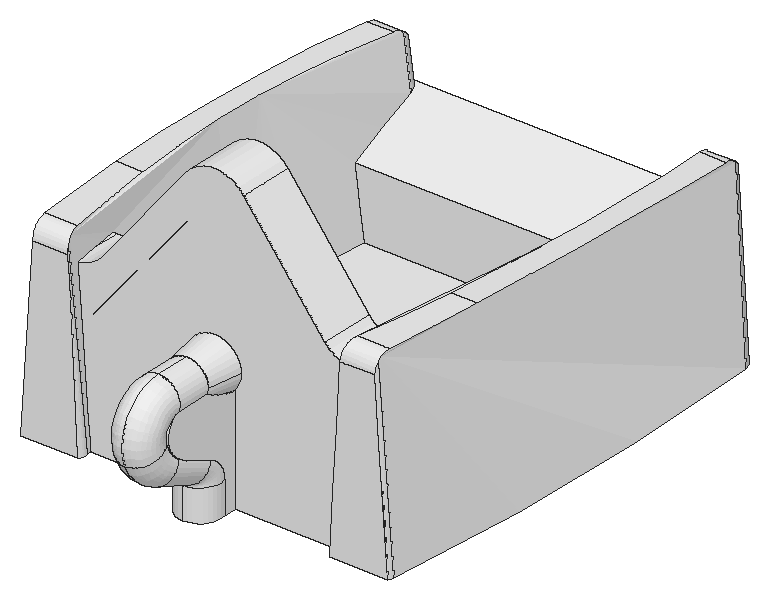
Revit family "Urinal_Washdown-Top_Spud-American_Standard-Washbrook-6590_Series", category Plumbing Fixtures, host Face, Revit 2018
Family settings
  Host = Face
  Round Connector Dimension = Use Radius
  Part Type = Normal
  OmniClass Number = 23.45.05.21.11.21
  OmniClass Title = Urinals
  Cut with Voids When Loaded = No
  Shared = Yes
  Room Calculation Point = No
Parameters (values of type "6590001.020")
  Width = 18 7/8"
  Waste Connection Radius = 1"
  Waste Connection Height = 20 1/2"
  Waste Connection Diameter = Waste Connection Radius * 2  # 2"
  Waste Connection = yes
  Warranty Information = "1 Year Limited Warranty"
  WFU = 5  # constant formula
  Vent Connection = no
  URL = "http://www.americanstandard-us.com/"
  Type Comments = ""
  Shipping Weight = "56lbs (25.3kg)"
  Revised Date = "09/29/2021"  # constant formula
  Recommended Working Pressure = "between 20 psi at valve when flushing and 80 psi static"  # constant formula
  Product Page URL = "https://www.americanstandard-us.com/Top-Spud-Urinals/Washbrook-0125---10-gpf-047---38-Lpf-Top-Spud-Urinal/WHITE-6590001020"
  Product Documentation Link = "https://americanstandard.box.com/shared/static/epqflcfh7u9awhp6y9ykqbqem1t9xzwb.pdf"
  Price = "Prices may vary. Please consult Manufacturer Representative for most up-to-date price list."  # constant formula
  Model = "6590001.020"
  Material = "Vitreous China-American Standard-020-White"
  Manufacturer = "American Standard"
  Length = 14 1/8"
  Installation Type = "Wall Mounted"
  IAPMO Compliance = "ASME A112.19.2-2008/CSA B45.1-08 for Vitreous China Fixtures\r"  # constant formula
  Height = 18"
  HWFU = 0  # constant formula
  HW Connection = no
  Flush Rate = "0.125-1.0gpf (0.5-3.8Lpf)"
  Finish = Vitreous China-American Standard-020-White
  Description = "Washbrook  FloWise Washout Top Spud Urinal."
  Default Elevation = if(ADA Compliant, 17", 24")  # 17"
  Creation Date = "28/04/2014"  # constant formula
  Cold Water Connection Width = 4 3/4"
  Cold Water Connection Radius = 3/8"
  Cold Water Connection Height = 11 1/2"
  Cold Water Connection Diameter = Cold Water Connection Radius * 2  # 3/4"
  CWFU = 5  # constant formula
  CW Connection = yes
  Assembly Code = "D2010210"
  ADA Compliant = yes
Types (3): name | Product Page URL | Product Documentation Link | Model | Description
  (no name) | "https://www.americanstandard-us.com/Top-Spud-Urinals/Washbrook-0125---10-gpf-047---38-Lpf-Top-Spud-Urinal/WHITE-6590001020" | "https://americanstandard.box.com/shared/static/epqflcfh7u9awhp6y9ykqbqem1t9xzwb.pdf" | "6590001.020" | "Washbrook  FloWise Washout Top Spud Urinal."
  6590001.020 | "https://www.americanstandard-us.com/Top-Spud-Urinals/Washbrook-0125---10-gpf-047---38-Lpf-Top-Spud-Urinal/WHITE-6590001020" | "https://americanstandard.box.com/shared/static/epqflcfh7u9awhp6y9ykqbqem1t9xzwb.pdf" | "6590001.020" | "Washbrook  FloWise Washout Top Spud Urinal."
  6590001EC.020 | "https://www.americanstandard-us.com/Top-Spud-Urinals/Washbrook-0125---10-gpf-047---38-Lpf-Top-Spud-Urinal-with-EverClean/WHITE-6590001EC020" | "https://americanstandard.box.com/shared/static/o9mxsn9vnxkqjr3zarpuzm02xznoxrpu.pdf" | "6590001EC.020" | "Washbrook  FloWise Washout Top Spud Urinal Everclean."
Reference planes (in)
  plane 1 "Center (Front/Back)": y = 0
  plane 2: z = 0
  plane 3 "Center (Left/Right)": x = 0
  plane 4: y = 18
  plane 5: y = -9.25
  plane 6: y = -3.5
  plane 7: z = 9.25
  plane 8: z = 14
  plane 9: x = 4.75
  plane 10: y = 29.5
  plane 11: z = 2.5
  plane 12 "Finished Floor": y = -17
  plane 13: y = 13.75
  plane 14: x = 6.75
  plane 15: x = -6.75
  plane 16: z = 2.875
  plane 17: z = 2.875
  plane 18: y = -8.125
  plane 19: y = -3.25
  plane 20: x = -9.4375
  plane 21: x = 9.4375
  plane 22: z = 14.125
Forms (in)
  Extrusion 1, solid, material "Vitreous China-American Standard-020-White" <- "Finish"
    sketch origin (0, -1.34285, -0.00144) x (1, 0, 0) y (0, 0, -1)
      loop
        arc (-1.37134, -13.46347) -> (0, -14.1263) -> (1.37134, -13.46347) r 1.75
        line (1.37134, -13.46347) -> (5.23323, -8.59212)
        arc (5.23323, -8.59212) -> (5.89478, -8.05444) -> (6.72152, -7.84646) r 1.97077
        arc (6.72152, -7.84646) -> (7.38576, -8.01063) -> (7.87037, -8.49366) r 1.27922
        line (7.87037, -8.49366) -> (7.47718, -3.89541)
        arc (7.47718, -3.89541) -> (4.27025, -7.67877) -> (1.19134, -11.56702) r 148.62844
        arc (1.19134, -11.56702) -> (0, -12.15559) -> (-1.19134, -11.56702) r 1.5
        arc (-1.19134, -11.56702) -> (-4.27025, -7.67877) -> (-7.47718, -3.89541) r 148.62844
        line (-7.47718, -3.89541) -> (-7.87037, -8.49366)
        arc (-7.87037, -8.49366) -> (-7.38576, -8.01063) -> (-6.72152, -7.84646) r 1.27922
        arc (-6.72152, -7.84646) -> (-5.89478, -8.05444) -> (-5.23323, -8.59212) r 1.97077
        line (-5.23323, -8.59212) -> (-1.37134, -13.46347)
    from -1.2741 to 1.34285
  Extrusion 2, void
    sketch origin (-23.76037, -1.34285, 16.50885) x (1, 0, 0) y (0, 0, -1)
      loop
        circle (23.78878, 10.62706) r 0.75
    from -4.07958 to 0.75692
  Sweep 3, solid, material "Vitreous China-American Standard-020-White" <- "Finish"
    path origin (0, -3.02724, 60.37356) x (0, 0, -1) y (0, 1, 0)
      loop
        line (60.3865, -0.47276) -> (58.87293, -0.47276)
        arc (58.87293, -0.47276) -> (58.27227, -0.6564) -> (57.87699, -1.14453) r 1.07415
        line (57.87699, -1.14453) -> (57.09699, -3.0751)
        arc (57.09699, -3.0751) -> (56.7311, -3.63254) -> (56.17935, -4.00696) r 1.70451
        arc (56.17935, -4.00696) -> (55.06218, -3.90256) -> (54.5316, -2.91389) r 1.18643
        line (54.5316, -2.91389) -> (54.5316, -1.24023)
    profile origin (0, -3.5, 0.74385) x (0, -1, 0) y (1, 0, 0)
      loop
        circle (0, 0) r 1
  Blend 4, solid, material "Vitreous China-American Standard-020-White" <- "Finish"
    base sketch origin (0, -3.33974, -0.00144) x (1, 0, 0) y (0, 0, -1)
      loop
        circle (0, -5.84441) r 1.25
    top sketch origin (0, -3.33974, -0.00144) x (1, 0, 0) y (0, 0, -1)
      loop
        circle (0, -5.84441) r 1
    from 0.72279 to -0.92171
  Extrusion 5, void
    sketch origin (0, -3.71581, 60.21449) x (0, 0, 1) y (0, 1, 0)
      loop
        line (-50.5, 21.60572) -> (-50.5, 22.54322) -> (-60, 22.54322) -> (-60, 21.71581) -> (-52.47891, 21.71581)
        arc (-52.47891, 21.71581) -> (-51.79796, 21.44814) -> (-51.48155, 20.78844) r 1
        arc (-51.48155, 20.78844) -> (-51.07876, 13.40828) -> (-50.94444, 6.01835) r 203.35351
        line (-50.94444, 6.01835) -> (-50.94444, 1.27336)
        arc (-50.94444, 1.27336) -> (-51.18097, 0.70233) -> (-51.752, 0.46581) r 0.80755
        line (-51.752, 0.46581) -> (-60.21449, 0.46581) -> (-60.21449, -0.14428) -> (-50.5, -0.14428) -> (-50.5, 21.60572)
    from -9.77502 to 9.75
  Blend 6, solid, material "Vitreous China-American Standard-020-White" <- "Finish"
    base sketch origin (-0.25, 0, -0.375) x (1, 0, 0) y (0, 0, 1)
      loop
        line (8.26389, 6.75) -> (-7.76389, 6.75) -> (-7.76389, 0.375) -> (8.26389, 0.375) -> (8.26389, 6.75)
    top sketch origin (-0.25, 0, -0.375) x (1, 0, 0) y (0, 0, 1)
      loop
        line (7.74782, 4.875) -> (-7.24782, 4.875) -> (-7.24782, 0.21449) -> (7.74782, 0.21449) -> (7.74782, 4.875)
    from -18 to -14.30259
  Blend 7, solid, material "Vitreous China-American Standard-020-White" <- "Finish"
    base sketch origin (-60.56312, -3.49988, -0.00144) x (1, 0, 0) y (0, 1, 0)
      loop
        line (69.1113, 21.49988) -> (66.98174, 21.49988)
        arc (66.98174, 21.49988) -> (66.5545, 21.30319) -> (66.42609, 20.85072) r 0.56238
        arc (66.42609, 20.85072) -> (67.20808, 10.77691) -> (66.42645, 0.70307) r 65.29284
        arc (66.42645, 0.70307) -> (66.56541, 0.21346) -> (67.02771, 0.00064) r 0.60855
        line (67.02771, 0.00064) -> (68.81378, 0.00064)
        arc (68.81378, 0.00064) -> (69.18097, 0.14139) -> (69.36001, 0.49152) r 0.54936
        arc (69.36001, 0.49152) -> (69.98697, 10.72354) -> (69.68234, 20.97023) r 112.79114
        arc (69.68234, 20.97023) -> (69.50073, 21.34708) -> (69.1113, 21.49988) r 0.57266
    top sketch origin (-60.56312, -3.49988, -0.00144) x (1, 0, 0) y (0, 1, 0)
      loop
        line (68.62783, 21.49988) -> (68.25301, 21.49988)
        arc (68.25301, 21.49988) -> (67.97755, 21.37692) -> (67.88514, 21.08978) r 0.37004
        arc (67.88514, 21.08978) -> (68.25201, 10.66405) -> (67.09212, 0.29656) r 71.23018
        arc (67.09212, 0.29656) -> (67.14554, 0.09092) -> (67.33787, 0.00064) r 0.25
        line (67.33787, 0.00064) -> (68.17151, 0.00064)
        arc (68.17151, 0.00064) -> (68.50555, 0.1286) -> (68.66862, 0.44696) r 0.5
        arc (68.66862, 0.44696) -> (69.30481, 10.80196) -> (68.98263, 21.17148) r 112.29347
        arc (68.98263, 21.17148) -> (68.86955, 21.40518) -> (68.62783, 21.49988) r 0.35586
    from 0.00144 to 9.46593
  Blend 8, solid, material "Vitreous China-American Standard-020-White" <- "Finish"
    base sketch origin (0.21416, 0, -0.375) x (1, 0, 0) y (0, 0, 1)
      loop
        line (7.5909, 6.75) -> (-8.01921, 6.75) -> (-8.01921, 0.375) -> (7.5909, 0.375) -> (7.5909, 6.75)
    top sketch origin (0.21416, 0, -0.375) x (1, 0, 0) y (0, 0, 1)
      loop
        line (7.28367, 4.875) -> (-7.71198, 4.875) -> (-7.71198, 0.21449) -> (7.28367, 0.21449) -> (7.28367, 4.875)
    from -18 to -14.30259
  Extrusion 9, solid, material "Vitreous China-American Standard-020-White" <- "Finish"
    sketch origin (0, 0, 0) x (1, 0, 0) y (0, 0, 1)
      loop
        line (6.52102, 0) -> (6.84414, 4.62077)
        arc (6.84414, 4.62077) -> (3.96542, 8.0506) -> (1.19134, 11.56559) r 148.62844
        arc (1.19134, 11.56559) -> (0, 12.15415) -> (-1.19134, 11.56559) r 1.5
        arc (-1.19134, 11.56559) -> (-3.93349, 8.08984) -> (-6.77795, 4.69731) r 148.62844
        line (-6.77795, 4.69731) -> (-6.44949, 0) -> (6.52102, 0)
    from 2.45414 to 2.61695
  Blend 10, solid, material "Vitreous China-American Standard-020-White" <- "Finish"
    base sketch origin (60.56312, -3.49988, -0.00144) x (-1, 0, 0) y (0, -1, 0)
      loop
        arc (69.1113, -21.49988) -> (69.50073, -21.34708) -> (69.68234, -20.97023) r 0.57266
        arc (69.68234, -20.97023) -> (69.98697, -10.72354) -> (69.36001, -0.49152) r 112.79114
        arc (69.36001, -0.49152) -> (69.18097, -0.14139) -> (68.81378, -0.00064) r 0.54936
        line (68.81378, -0.00064) -> (67.02771, -0.00064)
        arc (67.02771, -0.00064) -> (66.56541, -0.21346) -> (66.42645, -0.70307) r 0.60855
        arc (66.42645, -0.70307) -> (67.20808, -10.77691) -> (66.42609, -20.85072) r 65.29284
        arc (66.42609, -20.85072) -> (66.5545, -21.30319) -> (66.98174, -21.49988) r 0.56238
        line (66.98174, -21.49988) -> (69.1113, -21.49988)
    top sketch origin (60.56312, -3.49988, -0.00144) x (-1, 0, 0) y (0, -1, 0)
      loop
        arc (68.62783, -21.49988) -> (68.86955, -21.40518) -> (68.98263, -21.17148) r 0.35586
        arc (68.98263, -21.17148) -> (69.30481, -10.80196) -> (68.66862, -0.44696) r 112.29347
        arc (68.66862, -0.44696) -> (68.50555, -0.1286) -> (68.17151, -0.00064) r 0.5
        line (68.17151, -0.00064) -> (67.33787, -0.00064)
        arc (67.33787, -0.00064) -> (67.14554, -0.09092) -> (67.09212, -0.29656) r 0.25
        arc (67.09212, -0.29656) -> (68.25201, -10.66405) -> (67.88514, -21.08978) r 71.23018
        arc (67.88514, -21.08978) -> (67.97755, -21.37692) -> (68.25301, -21.49988) r 0.37004
        line (68.25301, -21.49988) -> (68.62783, -21.49988)
    from 0.00144 to 9.46593
  Extrusion 11, solid, not visible
    sketch origin (-4.5, 0, 0) x (1, 0, 0) y (0, 1, 0)
      loop
        circle (9.25, 29.5) r 0.375
    from 0 to 0.01563
  Revolve 12, solid, material "Vitreous China-American Standard-020-White" <- "Finish"
    sketch origin (0, 0, 0) x (0, 1, 0) y (0, 0, 1)
      loop
        line (18, 2.5) -> (18.5, 2.5) -> (18.5, 2.875) -> (18.25, 2.9375) -> (18.25, 3) -> (18, 3) -> (18, 2.5)
      axis (18, 2.5) -> (18.5, 2.5)
    angle from 0 to 360
  Extrusion 13, solid, material "Vitreous China-American Standard-020-White" <- "Finish"
    sketch origin (0.0351, 0, 0) x (0, 1, 0) y (0, 0, 1)
      loop
        line (-3.5, 2.10322) -> (-3.5, -0.01294) -> (-2.45414, -0.01294) -> (-2.45414, 5.88179) -> (-5.28124, 5.88179)
        arc (-5.28124, 5.88179) -> (-6.48578, 4.96584) -> (-5.92504, 3.56033) r 1.25
        line (-5.92504, 3.56033) -> (-3.5, 2.10322)
    from -1.00385 to 0.93365
  Extrusion 14, void
    sketch origin (0, 0, 0) x (0, 1, 0) y (0, 0, 1)
      loop
        line (14.30259, -0.16051) -> (18, -0.16051) -> (18, 0) -> (14.30259, 0) -> (14.30259, -0.16051)
    from -8.01389 to 8.01389
  Extrusion 15, solid, material "Vitreous China-American Standard-020-White" <- "Finish"
    sketch origin (0, 0, 0) x (1, 0, 0) y (0, 0, 1)
      loop
        line (6.93346, 0) -> (6.93346, 1.29079) -> (-6.93346, 1.29079) -> (-6.93346, 0) -> (6.93346, 0)
    from -15.55259 to 2.61695
  Extrusion 16, solid, material "Vitreous China-American Standard-020-White" <- "Finish"
    sketch origin (0, 0, 0.32258) x (0, 1, 0) y (0, 0, 1)
      loop
        line (-2.45414, 2.14252) -> (-2.45414, 0.96821) -> (-1.27982, 0.96821)
        arc (-1.27982, 0.96821) -> (-2.11019, 1.31216) -> (-2.45414, 2.14252) r 1.17431
    from -6.93346 to 6.93346
Cuts and joins
  Extrusion 2 cuts Blend 4
  Extrusion 2 cuts Sweep 3
  Extrusion 14 cuts Blend 6
  Extrusion 5 cuts Blend 7
  Extrusion 14 cuts Blend 8
  Extrusion 2 cuts Extrusion 9
  Extrusion 5 cuts Blend 10
  Extrusion 2 cuts Extrusion 13
  joined: Extrusion 1, Sweep 3, Blend 6, Blend 7, Blend 8, Extrusion 9, Blend 10, Extrusion 13, Extrusion 15, Extrusion 16
Lines and regions (in)
  Masking region 1
    outline origin (0, 0, 0) x (1, 0, 0) y (0, 0, 1)
      loop
        line (4.69464, 9.27005) -> (1.37134, 13.46203)
        arc (1.37134, 13.46203) -> (0, 14.12487) -> (-1.37134, 13.46203) r 1.75
        line (-1.37134, 13.46203) -> (-4.69464, 9.27005) -> (-8.56469, 9.27005)
        arc (-8.56469, 9.27005) -> (-8.67125, 9.24747) -> (-8.75949, 9.18362) r 0.26273
        line (-8.75949, 9.18362) -> (-9.43782, 0) -> (9.43782, 0) -> (8.75949, 9.18362)
        arc (8.75949, 9.18362) -> (8.67125, 9.24747) -> (8.56469, 9.27005) r 0.26273
        line (8.56469, 9.27005) -> (4.69464, 9.27005)
  symbolic lines, style "PlumbingFixtures", detail levels fine
    curve 1: arc (1.19134, 0, 11.56559) -> (0, 0, 12.15415) -> (-1.19134, 0, 11.56559) r 1.5
    curve 2: arc (-1.19134, 0, 11.56559) -> (-3.24152, 0, 8.94703) -> (-5.34978, 0, 6.375) r 148.62844
    curve 3: arc (5.34978, 0, 6.375) -> (3.24152, 0, 8.94703) -> (1.19134, 0, 11.56559) r 148.62844
  symbolic lines, style "PlumbingFixtures", detail levels medium+fine
    curve 4: line (6.84857, 0, 6.375) -> (-6.84857, 0, 6.375)
    curve 5: line (7.29113, 0, 9.27005) -> (6.84857, 0, 6.375)
    curve 6: line (-7.29113, 0, 9.27005) -> (-6.84857, 0, 6.375)
  symbolic lines, detail levels fine
    curve 7: circle (0, 0, 2.5) r 0.63267 normal (0, -1, 0)
  symbolic lines, detail levels medium+fine
    curve 8: circle (0, 0, 2.5) r 0.375 normal (0, -1, 0)
    curve 9: arc (5.23323, 0, 8.59068) -> (5.89478, 0, 8.053) -> (6.72152, 0, 7.84502) r 1.97077
    curve 10: line (5.23323, 0, 8.59068) -> (4.69464, 0, 9.27005)
    curve 11: arc (-6.72152, 0, 7.84502) -> (-5.89478, 0, 8.053) -> (-5.23323, 0, 8.59068) r 1.97077
    curve 12: line (-5.23323, 0, 8.59068) -> (-4.69464, 0, 9.27005)
    curve 13: arc (6.72152, 0, 7.84502) -> (6.90194, 0, 7.85264) -> (7.07949, 0, 7.88559) r 1.27922
    curve 14: arc (-7.07949, 0, 7.88559) -> (-6.90194, 0, 7.85264) -> (-6.72152, 0, 7.84502) r 1.27922
Dimensions and locks (in)
  plane 4 to plane 5 = 27 1/4"
  plane 1 "Center (Front/Back)" to plane 4 = 18"
  plane 7 to plane 2 = 9 1/4"
  "Cold Water Connection Height": plane 10 to plane 4
  "Cold Water Connection Width": plane 3 "Center (Left/Right)" to plane 9
  plane 7 to host face = 9 1/4"
  plane 11 to host face = 2 1/2"
  plane 4 to plane 18 = 26 1/8"
  plane 19 to plane 1 "Center (Front/Back)" = 3 1/4"  (x2)
  "Width": plane 20 to plane 21
  "Length": plane 22 to level
  "Default Elevation": plane 12 "Finished Floor" to plane 1 "Center (Front/Back)"
  aligned and locked: plane 2 to host face
  aligned and locked: level to host face
Automatic sketch dimensions
  host sketch curve to host sketch curve = 96"  (x2)
  Extrusion 1 sketch curve to plane 3 "Center (Left/Right)" = 0"  (x2)
  Extrusion 1 sketch curve to plane 3 "Center (Left/Right)" = 1.19134"
  Extrusion 1 sketch curve to Extrusion 1 sketch curve = 0"  (x4)
  Extrusion 1 sketch curve to plane 8 = 0.53797"  (x2)
  Extrusion 1 sketch curve to plane 3 "Center (Left/Right)" = 1.37134"
  Extrusion 1 sketch curve to plane 7 = 0.65932"
  Extrusion 1 sketch curve to Extrusion 1 sketch curve = 1 125/256"  (x2)
  Extrusion 1 sketch curve to plane 7 = 0.12628"  (x2)
  Extrusion 1 sketch curve to Extrusion 1 sketch curve = 0.03638"  (x2)
  plane 7 to Extrusion 1 sketch curve = 0.56499"  (x2)
  Extrusion 1 sketch curve to plane 7 = 0.75778"  (x2)
  plane 3 "Center (Left/Right)" to Extrusion 1 sketch curve = 1.19134"
  Extrusion 1 sketch curve to plane 9 = 0.48323"
  Extrusion 1 sketch curve to Extrusion 1 sketch curve = 0.01967"
  plane 11 to Extrusion 1 sketch curve = 1.39398"
  plane 8 to Extrusion 1 sketch curve = 87.87594"  (x2)
  Extrusion 1 sketch curve to Extrusion 1 sketch curve = 0.80928"
  plane 3 "Center (Left/Right)" to Extrusion 2 sketch curve = 0.02841"
  Extrusion 2 sketch curve to plane 7 = 3.36821"
  Sweep 3 sketch curve to plane 6 = 0"
  plane 11 to Sweep 3 sketch curve = 3.34196"
  Sweep 3 sketch curve to Sweep 3 sketch curve = 0.98499"
  Sweep 3 sketch curve to Sweep 3 sketch curve = 0.20144"
  Sweep 3 sketch curve to Sweep 3 sketch curve = 0.46132"
  Sweep 3 sketch curve to Sweep 3 sketch curve = 0"
  plane 11 to Sweep 3 sketch curve = 0.77657"
  Sweep 3 sketch curve to plane 11 = 0.00343"
  Sweep 3 sketch curve to plane 11 = 0.99937"
  Sweep 3 sketch curve to level = 0.01294"
  Sweep 3 sketch curve to plane 6 = 0.67177"
  Sweep 3 sketch curve to plane 6 = 0.76747"
  Sweep 3 sketch curve to Sweep 3 sketch curve = 1.19635"
  Sweep 3 sketch curve to profile plane = 0"  (x2)
  Blend 4 sketch curve to plane 3 "Center (Left/Right)" = 0"  (x2)
  plane 11 to Blend 4 sketch curve = 3.34297"  (x2)
  Extrusion 5 sketch curve to level = 0"
  Extrusion 5 sketch curve to plane 4 = 0"
  Extrusion 5 sketch curve to plane 1 "Center (Front/Back)" = 2.30254"
  Extrusion 5 sketch curve to level = 194.08346"
  level to Extrusion 5 sketch curve = 0.21449"
  Extrusion 5 sketch curve to plane 7 = 1.51441"
  plane 6 to Extrusion 5 sketch curve = 1/4"
  Extrusion 5 sketch curve to plane 7 = 0.7875"
  Extrusion 5 sketch curve to plane 7 = 0.51705"
  Extrusion 5 sketch curve to Extrusion 5 sketch curve = 0"
  plane 7 to Extrusion 5 sketch curve = 0.46449"
  Extrusion 5 sketch curve to plane 6 = 0.36009"
  Extrusion 5 sketch curve to plane 4 = 0.11009"
  plane 4 to Extrusion 5 sketch curve = 0.82741"
  Blend 6 sketch curve to level = 0"
  Blend 6 sketch curve to plane 7 = 2 7/8"
  Blend 6 sketch curve to level = 0.16051"
  plane 11 to Blend 6 sketch curve = 2"
  Blend 7 sketch curve to plane 4 = 0"  (x2)
  Blend 7 sketch curve to plane 1 "Center (Front/Back)" = 8.99874"
  Blend 7 sketch curve to plane 1 "Center (Front/Back)" = 7.27587"
  Blend 7 sketch curve to Blend 7 sketch curve = 44.70545"
  Blend 7 sketch curve to plane 9 = 1.11298"
  Blend 7 sketch curve to Blend 7 sketch curve = 0"  (x5)
  plane 6 to Blend 7 sketch curve = 0.70319"
  Blend 7 sketch curve to plane 9 = 1.11333"
  Blend 7 sketch curve to Blend 7 sketch curve = 0.60126"
  plane 6 to Blend 7 sketch curve = 0.55013"
  Blend 7 sketch curve to plane 4 = 8.99671"
  Blend 7 sketch curve to plane 4 = 8.12119"
  Blend 7 sketch curve to Blend 7 sketch curve = 40.04935"
  plane 6 to Blend 7 sketch curve = 0.29668"
  Blend 7 sketch curve to plane 9 = 1.779"
  plane 6 to Blend 7 sketch curve = 0.00077"
  Blend 7 sketch curve to plane 4 = 0.4101"
  Blend 7 sketch curve to Blend 7 sketch curve = 0.83364"
  Blend 7 sketch curve to Blend 7 sketch curve = 0.37482"
  plane 6 to Blend 7 sketch curve = 0.44709"
  Blend 7 sketch curve to plane 4 = 0.32839"
  Blend 8 sketch curve to level = 0"
  Blend 8 sketch curve to plane 7 = 2 7/8"
  Blend 8 sketch curve to level = 0.16051"
  plane 11 to Blend 8 sketch curve = 2"
  Extrusion 9 sketch curve to level = 0"
  Extrusion 9 sketch curve to plane 3 "Center (Left/Right)" = 0"
  Extrusion 9 sketch curve to plane 3 "Center (Left/Right)" = 1.19134"
  Extrusion 9 sketch curve to Extrusion 9 sketch curve = 0"  (x2)
  plane 3 "Center (Left/Right)" to Extrusion 9 sketch curve = 1.19134"
  Extrusion 9 sketch curve to plane 9 = 1.77102"
  Extrusion 9 sketch curve to plane 9 = 2.09414"
  plane 11 to Extrusion 9 sketch curve = 2.12077"
  level to Extrusion 9 sketch curve = 4.69731"
  Blend 10 sketch curve to plane 4 = 0"  (x2)
  Blend 10 sketch curve to plane 1 "Center (Front/Back)" = 8.99874"
  Blend 10 sketch curve to plane 1 "Center (Front/Back)" = 7.27587"
  Blend 10 sketch curve to Blend 10 sketch curve = 44.70545"
  Blend 10 sketch curve to plane 4 = 0.64916"
  Blend 10 sketch curve to Blend 10 sketch curve = 0"  (x4)
  plane 6 to Blend 10 sketch curve = 0.70319"
  Blend 10 sketch curve to Blend 10 sketch curve = 0.60126"
  plane 6 to Blend 10 sketch curve = 0.55013"
  Blend 10 sketch curve to plane 4 = 8.99671"
  Blend 10 sketch curve to plane 4 = 8.12119"
  Blend 10 sketch curve to Blend 10 sketch curve = 40.04935"
  plane 6 to Blend 10 sketch curve = 0.29668"
  plane 6 to Blend 10 sketch curve = 0.00077"
  Blend 10 sketch curve to plane 4 = 0.4101"
  Blend 10 sketch curve to Blend 10 sketch curve = 0.83364"
  Blend 10 sketch curve to Blend 10 sketch curve = 0.37482"
  plane 6 to Blend 10 sketch curve = 0.44709"
  Blend 10 sketch curve to plane 4 = 0.32839"
  Extrusion 11 sketch curve to plane 9 = 0"
  Extrusion 11 sketch curve to plane 10 = 0"
  Extrusion 13 sketch curve to plane 6 = 0"
  Extrusion 13 sketch curve to plane 6 = 1 25/32"
  Extrusion 13 sketch curve to Extrusion 13 sketch curve = 0.6438"
  plane 6 to Extrusion 13 sketch curve = 1.04586"
  Extrusion 13 sketch curve to level = 0.01294"
  Extrusion 13 sketch curve to plane 11 = 0.39678"
  plane 11 to Extrusion 13 sketch curve = 1.06033"
  Extrusion 13 sketch curve to Extrusion 13 sketch curve = 1.07146"
  Extrusion 14 sketch curve to level = 0"
  Extrusion 14 sketch curve to plane 4 = 0"
  Extrusion 14 sketch curve to level = 0.16051"
  Extrusion 14 sketch curve to plane 4 = 3.69741"
  Revolve 12 sketch curve to plane 4 = 0"  (x2)
  Revolve 12 sketch curve to plane 11 = 0"  (x2)
  plane 16 to Revolve 12 sketch curve = 1/8"
  plane 4 to Revolve 12 sketch curve = 1/4"
  Revolve 12 sketch curve to Revolve 12 sketch curve = 1/4"
  Revolve 12 sketch curve to plane 16 = 0"
  plane 4 to Revolve 12 sketch curve = 0.16371"
  plane 16 to Revolve 12 sketch curve = 1/16"
  Extrusion 1 sketch curve to plane 15 = 1.51677"
  plane 15 to Extrusion 1 sketch curve = 0.72718"
  plane 15 to Blend 6 sketch curve = 1.26389"
  plane 15 to Blend 6 sketch curve = 0.74782"
  Blend 7 sketch curve to plane 20 = 49.21038"
  Blend 7 sketch curve to plane 20 = 54.05204"
  plane 15 to Blend 8 sketch curve = 1.05506"
  plane 15 to Blend 8 sketch curve = 0.74782"
  Extrusion 9 sketch curve to plane 15 = 0.30051"
  Extrusion 9 sketch curve to Extrusion 9 sketch curve = 0.32847"
  level to Extrusion 9 sketch curve = 101.87594"
  Blend 10 sketch curve to plane 15 = 0.33138"
  Blend 10 sketch curve to plane 15 = 0.28541"
  plane 15 to Blend 10 sketch curve = 1.50066"
  plane 20 to Blend 10 sketch curve = 0.88932"
  Blend 10 sketch curve to plane 4 = 0.57266"
  plane 19 to Blend 10 sketch curve = 0.00077"
  Blend 10 sketch curve to plane 4 = 0.37004"
  Extrusion 1 sketch curve to plane 20 = 109.79812"
  plane 14 to Extrusion 1 sketch curve = 0.72718"
  plane 14 to Blend 6 sketch curve = 1.26389"
  plane 14 to Blend 6 sketch curve = 0.74782"
  plane 14 to Blend 7 sketch curve = 1.50066"
  plane 21 to Blend 7 sketch curve = 0.88932"
  Blend 7 sketch curve to plane 4 = 0.57266"
  Blend 7 sketch curve to plane 4 = 0.37004"
  plane 14 to Blend 8 sketch curve = 1.05506"
  plane 14 to Blend 8 sketch curve = 0.74782"
  Extrusion 9 sketch curve to plane 20 = 109.79812"
  Blend 10 sketch curve to plane 21 = 49.21038"
  Blend 10 sketch curve to plane 21 = 94.1014"
  curve 7 to curve 8 = 0"  (x2)
  curve 7 to plane 3 "Center (Left/Right)" = 0"
  curve 1 to plane 3 "Center (Left/Right)" = 0"
  curve 8 to plane 11 = 0"
  curve 12 to plane 15 = 1.51677"
  plane 15 to curve 14 = 0.0079"
  plane 15 to curve 11 = 0.02757"
  plane 15 to curve 4 = 0.09857"
  curve 2 to plane 20 = 109.79812"
  curve 10 to plane 9 = 0.48323"
  plane 14 to curve 13 = 0.0079"
  plane 14 to curve 9 = 0.02757"
  plane 14 to curve 4 = 0.09857"
  curve 3 to plane 21 = 109.79812"
  curve 10 to plane 7 = 0.65932"
  curve 12 to plane 7 = 0.65932"
  curve 14 to plane 7 = 0.12628"
  curve 13 to plane 7 = 0.12628"
  plane 7 to curve 11 = 0.56499"
  plane 7 to curve 9 = 0.56499"
  plane 7 to curve 1 = 1.40415"
  plane 22 to curve 3 = 87.75094"
  plane 22 to curve 2 = 87.75094"
  curve 2 to plane 3 "Center (Left/Right)" = 1.19134"
  curve 1 to curve 2 = 0"
  plane 7 to curve 12 = 0.02005"
  curve 11 to curve 12 = 0.53859"
  curve 14 to curve 11 = 0"
  plane 15 to curve 14 = 0.32949"
  plane 7 to curve 6 = 0.02005"
  curve 3 to curve 1 = 0"
  plane 7 to curve 10 = 0.02005"
  plane 9 to curve 10 = 0.05536"
  curve 13 to curve 9 = 0"
  plane 14 to curve 13 = 0.32949"
  plane 7 to curve 5 = 0.02005"
  plane 14 to curve 5 = 0.54113"
  Masking region 1 sketch curve to level = 0"
  Masking region 1 sketch curve to plane 3 "Center (Left/Right)" = 0"
  Masking region 1 sketch curve to plane 8 = 0.53797"  (x2)
  Masking region 1 sketch curve to plane 3 "Center (Left/Right)" = 1.37134"
  plane 7 to Masking region 1 sketch curve = 0.02005"  (x2)
  Masking region 1 sketch curve to plane 15 = 2.05536"
  plane 20 to Masking region 1 sketch curve = 0.87281"
  Masking region 1 sketch curve to plane 7 = 0.06638"  (x2)
  Masking region 1 sketch curve to Masking region 1 sketch curve = 0.1948"  (x2)
  plane 9 to Masking region 1 sketch curve = 0.05536"
  plane 21 to Masking region 1 sketch curve = 0.87281"
  Masking region 1 sketch curve to plane 8 = 1.62513"
  Masking region 1 sketch curve to plane 20 = 0.00032"
  Masking region 1 sketch curve to plane 21 = 0.00032"
  Extrusion 15 sketch curve to level = 0"
  plane 14 to Extrusion 15 sketch curve = 0.18346"
  Extrusion 15 sketch curve to plane 11 = 1.20921"
  plane 15 to Extrusion 15 sketch curve = 0.18346"
  plane 19 to Extrusion 16 sketch curve = 0.79586"
  Extrusion 16 sketch curve to plane 11 = 0.03489"
  Extrusion 16 sketch curve to Extrusion 16 sketch curve = 1.17431"  (x2)
  radius of Extrusion 2 sketch curve = 3/4"
  radius of Sweep 3 sketch curve = 1"
  radius of Blend 4 sketch curve = 1 1/4"
  radius of Blend 4 sketch curve = 1"
  radius of Extrusion 11 sketch curve = 3/8"
  radius of curve 7 = 0.63267"
  radius of curve 8 = 3/8"
Connectors (in)
  piping at (0, -3.5, -0.01294), diameter 2, driven by "Waste Connection Radius", driven by "WFU"
    settings: on Sweep 3, index 1, connector inside diameter 2", connector length 0", flow factor 0, pipe flow 0 GPM, pressure drop 0.00 psi, fitting loss kfactor 0, connector angle 0.00°, fixture units 5, engagement length 0", angle of deflection 0.00°, flow configuration 3, flow direction 2, fitting loss method 0, system type 16, joint type 0, gender type 0, connector reference index -1, connector utility 0, adjustable connector yes, is connector primary yes, connector description "2\" N.P.T. FEMALE OUTLET CONNECTION"
  piping at (4.75, 29.5, 0), diameter 0.75, driven by "Cold Water Connection Radius", driven by "CWFU"
    settings: on Extrusion 11, index 2, connector inside diameter 3/4", connector length 0", flow factor 0, pipe flow 0 GPM, pressure drop 0.00 psi, fitting loss kfactor 0, connector angle 0.00°, fixture units 5, engagement length 0", angle of deflection 0.00°, flow configuration 3, flow direction 1, fitting loss method 0, system type 20, joint type 0, gender type 0, connector reference index -1, connector utility 0, adjustable connector no, is connector primary no, connector description "3/4 S.P.S. OR 3/4 C.W.T. SUPPLY TO FLUSH VALVE"
